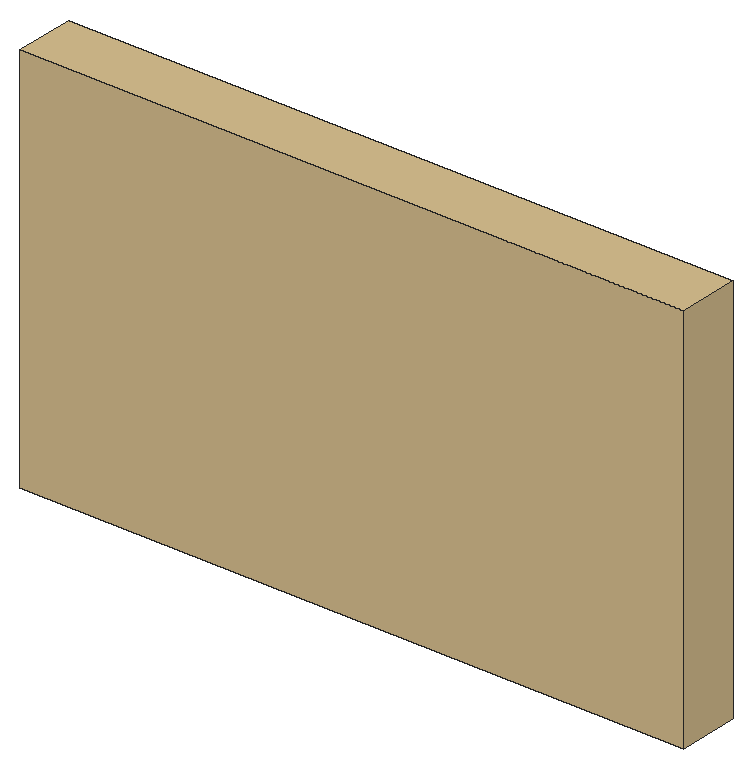
Revit family "Techlam Standard Beam-112mm", category Structural Framing, Revit 2016
Family settings
  Structural Framing Length Roundoff = 1 mm
  Section Shape = Not Defined
  Material for Model Behavior = Wood
  Always export as geometry = No
  Always vertical = Yes
  Cut with Voids When Loaded = No
  Symbolic Representation = From Project Settings
  Shared = No
  Show family pre-cut in plan views = Yes
Parameters (values of type "720 x 112")
  Structural Material [instance] = Wood - Dimensional Lumber
  Length [instance] = 1524 mm
  b = 112 mm
  d = 720 mm
  Angle [instance] = 0.00°
Types (22, lengths in mm): name | d
  (no name) | 720
  88 x 112 | 88
  135 x 112 | 135
  140 x 112 | 140
  180 x 112 | 180
  190 x 112 | 190
  225 x 112 | 225
  240 x 112 | 240
  270 x 112 | 270
  290 x 112 | 290
  315 x 112 | 315
  360 x 112 | 360
  405 x 112 | 405
  450 x 112 | 450
  495 x 112 | 495
  540 x 112 | 540
  585 x 112 | 585
  630 x 112 | 630
  675 x 112 | 675
  720 x 112 | 720
  765 x 112 | 765
  810 x 112 | 810
Reference planes
  plane 1 "Center (Front/Back)": y = 0
  plane 2: z = 0
  plane 3 "Center (Left/Right)": x = 4.61
  plane 4 "Member Left": x = -604.99
  plane 5 "Member Right": x = 614.21
  plane 6: y = 56
  plane 7: y = -56
  plane 8: z = 360
  plane 9: z = -360
  plane 10 "Left": x = -757.39
  plane 11 "Right": x = 766.61
Forms (mm)
  Sweep 1, solid, material "Wood - Dimensional Lumber" <- "Structural Material", detail levels medium+fine
    path origin (0, 0, 0) x (1, 0, 0) y (0, 1, 0)
      loop
        line (614.21, 0) -> (-604.99, 0)
    profile "M_Rectangular Wood Beam-Profile : M_Rectangular Wood Beam-Profile" origin (4.61, 0, 0) x (0, -1, 0) y (0, 0, 1)
      loop
        line (-56, -360) -> (56, -360) -> (56, 360) -> (-56, 360) -> (-56, -360)
Lines and regions (mm)
  reference lines
    curve 1: line (4.61, 0, 0) -> (4.61, 0, 75)
  symbolic lines, style "Stick Symbols", detail levels coarse
    curve 2: line (4.61, 56, 360) -> (4.61, -56, 360)
    curve 3: line (4.61, -56, -360) -> (4.61, 56, -360)
    curve 4: line (4.61, -56, 360) -> (4.61, -56, -360)
    curve 5: line (4.61, 56, -360) -> (4.61, 56, 360)
Dimensions and locks
  "b": plane 6 to plane 7
  "d": plane 9 to plane 8
  equal spacing: plane 9, plane 2, plane 8
  equal spacing: plane 6, plane 1 "Center (Front/Back)", plane 7
  "Length": plane 10 "Left" to plane 11 "Right"
  "Angle": angle plane 1 "Center (Front/Back)" to curve 1
  aligned and locked: Sweep 1 sketch curve to plane 1 "Center (Front/Back)"
  aligned and locked: curve 2 to Sweep 1
  aligned and locked: curve 3 to Sweep 1
  aligned and locked: curve 4 to Sweep 1
  aligned and locked: curve 5 to Sweep 1
  aligned and locked: plane 4 "Member Left" to Sweep 1 sketch curve
  aligned and locked: plane 5 "Member Right" to Sweep 1 sketch curve
Automatic sketch dimensions
  curve 1 to plane 1 "Center (Front/Back)" = 0 mm
  curve 1 to level = 0 mm
